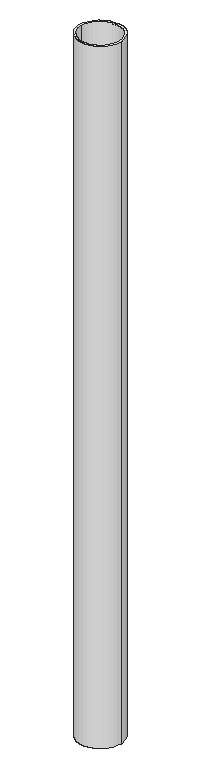
Revit family "파이프-기둥", category 구조 기둥, Revit 2026
Family settings
  단면 모양 = 정의되지 않음
  모델 동작 재료 = 스틸
  항상 형상으로 내보내기 = 아니오
  평면의 보 전환 = 형상에서
  로드될 때 보이드를 사용하여 절단 = 아니오
  기호 표현 = 프로젝트 설정에서
  공유 = 아니오
  평면도에서 미리 절단된 패밀리 표시 = 예
Parameters (values of type "PIPE152STD")
  Assembly Code = ""
  Structural Material [instance] = 금속 - 스틸 - 345 MPa
  A = 0.004 m²
  게이지 = "표준"
  ID = 154 mm
  W = 0.277
  OD = 168 mm
  t = 7.1 mm
Types (2, lengths in mm): name | A | ID | W | OD | t
  PIPE102STD | 0.002 m² | 102 | 0.158 | 114 | 6
  PIPE152STD | 0.004 m² | 154 | 0.277 | 168 | 7.1
Reference planes
  plane 1 "중심(앞/뒤)": y = 0
  plane 2: z = 0
  plane 3 "중심(왼쪽/오른쪽)": x = 0
  plane 4: x = -84
  plane 5: x = 84
  plane 6: y = 84
  plane 7: y = -84
  plane 8: x = -76.9
  plane 9: x = 76.9
Forms (mm)
  Extrusion 1, solid, material "금속 - 스틸 - 345 MPa" <- "Structural Material", detail levels medium+fine
    sketch origin (0, 0, 0) x (1, 0, 0) y (0, 1, 0)
      loop
        circle (0, 0) r 84
      loop
        circle (0, 0) r 76.9
    from 0 to 2500
Lines and regions (mm)
  symbolic lines, style "StructuralColumnStickSymbols", detail levels coarse
    curve 1: arc (-84, 0, 0) -> (0, -84, 0) -> (84, 0, 0) r 84
    curve 2: arc (84, 0, 0) -> (0, 84, 0) -> (-84, 0, 0) r 84
Dimensions and locks
  equal spacing: plane 4, plane 3 "중심(왼쪽/오른쪽)", plane 5
  equal spacing: plane 7, plane 1 "중심(앞/뒤)", plane 6
  "OD": plane 7 to plane 6
  "OD": plane 4 to plane 5
  "t": plane 4 to plane 8
  "t": plane 9 to plane 5
  aligned and locked: level to Extrusion 1
  aligned and locked: level to plane 2
  aligned and locked: Extrusion 1 to plane 2
  aligned and locked: curve 1 to Extrusion 1
Automatic sketch dimensions
  Extrusion 1 sketch curve to plane 1 "중심(앞/뒤)" = 0 mm  (x2)
  Extrusion 1 sketch curve to plane 4 = 0 mm
  Extrusion 1 sketch curve to plane 8 = 0 mm
  Extrusion 1 sketch curve to plane 3 "중심(왼쪽/오른쪽)" = 0 mm  (x2)
